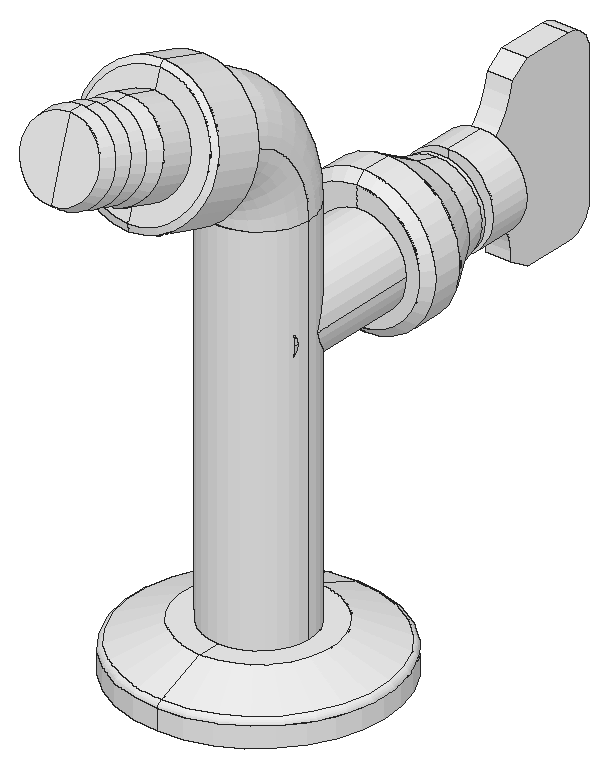
Revit family "Deca_Torneira de uso Restrito para Jardim Tanque Mangueira_1156.C39", category Plumbing Fixtures, host Face, Revit 2010
Parameters (values of type "1156.C_Cromado CR10")
  Vendido Separadamente = ""
  Variações de COR = "Cromado (1156.C)"  # constant formula
  URL = "www.deca.com.br/produtos"
  Torneira = Deca CR10 Cromado Metal
  Segmento = "Competitivo"  # constant formula
  Raio Água Fria = 7.5 mm  # constant formula
  Produto = "Torneira de uso restrito para jardim tanque mangueira"  # constant formula
  Pressão = "2 A 40 mca"  # constant formula
  Peso Liquido (Kg) = 0.407
  Norma = "ABNT NBR 10281: 2003"  # constant formula
  Model = Código  # "1156.C"
  Material = "Deca_Latão Cromado e Plástico de Engenharia"  # constant formula
  Manufacturer = "Deca"  # constant formula
  Louça/Metais = "Metal"  # constant formula
  Linha = "Uso restrito"  # constant formula
  Informações Complementares = ""
  Flow Pressure = 0.00 psi
  Diâmetro Água Fria = Raio Água Fria * 2  # 15 mm
  Description = "Torneira de uso restrito para jardim/tanque/mangueira"  # constant formula
  Default Elevation = 300 mm
  Código = "1156.C"  # constant formula
  Criado por = "Contino/quattroD"  # constant formula
  Consumo = "Varia com a pressão"  # constant formula
  CWFU = 0
  Atendimento ao Cliente = "0800-0117073"  # constant formula
  Assembly Code = "D2020"
  Aprovado por = "Contino/quattroD"  # constant formula
  Acompanha o Produto = ""
Reference planes
  plane 1 "Center (Front/Back)": y = -110
  plane 2: z = 0
  plane 3 "Center (Left/Right)": x = 0
  plane 4 "Front 2": z = 119.492
  plane 5 "Front 1": z = 9.067
  plane 6 "Left 1": x = -25
  plane 7 "Top 1": y = -85.625
  plane 8 "Right 1": x = 24.99
  plane 9 "Bottom 1": y = -135
  plane 10 "Top 2": y = -31.3
Forms (mm)
  Revolve 1, solid, material "Deca CR10 Cromado Metal" <- "Torneira"
    sketch origin (0, 0, 0) x (0, 1, 0) y (0, 0, 1)
      loop
        line (-110, 8.975) -> (-110, 0) -> (-85, 0) -> (-85, 3.962)
        arc (-85, 3.962) -> (-85.301, 4.7) -> (-85.937, 5.18) r 1.5
        line (-85.937, 5.18) -> (-95.522, 8.975) -> (-110, 8.975)
      axis (-110, 0) -> (-110, 8.975)
    angle from 0 to 360
  Sweep 2, solid, material "Deca CR10 Cromado Metal" <- "Torneira"
    path origin (0, 0, 0) x (0, 1, 0) y (0, 0, 1)
      loop
        line (-110, 5.036) -> (-110, 83.138)
        arc (-110, 83.138) -> (-115.724, 96.957) -> (-129.543, 102.681) r 19.543
    profile origin (0, -110, 44.087) x (0, -1, 0) y (1, 0, 0)
      loop
        circle (0, 0) r 10
  Extrusion 3, solid, material "Deca CR10 Cromado Metal" <- "Torneira"
    sketch origin (-237.066, -110, -96.581) x (1, 0, 0) y (0, 0, 1)
      loop
        circle (237.768, 158.687) r 9
    from -25 to 3.176
  Revolve 4, solid, material "Deca CR10 Cromado Metal" <- "Torneira"
    sketch origin (0, 11.893, 15.047) x (0, 0.999392, 0.03486) y (0, -0.03486, 0.999392)
      loop
        line (-154.781, 106.535) -> (-154.49, 107.333) -> (-158.54, 107.903) -> (-158.249, 108.702) -> (-162.299, 109.271) -> (-162.008, 110.07) -> (-164.93, 110.228) -> (-167.57, 102.975) -> (-136.858, 91.798) -> (-132.047, 105.018) -> (-141.661, 108.517) -> (-142.672, 107.575) -> (-143.975, 103.996) -> (-150.545, 106.387) -> (-154.781, 106.535)
      axis (-136.858, 91.798) -> (-167.57, 102.975)
    angle from 0 to 360
  Revolve 5, solid, material "Deca CR10 Cromado Metal" <- "Torneira"
    sketch origin (0, 164.119, -36.484) x (0, 1, 0) y (0, 0, 1)
      loop
        line (-219.185, 99.208) -> (-249.742, 99.208) -> (-249.742, 86.729) -> (-247.927, 84.915) -> (-242.009, 84.915) -> (-234.847, 89.05) -> (-230.017, 90.344) -> (-229.215, 90.344) -> (-229.215, 93.081) -> (-227.252, 93.081) -> (-227.252, 90.112) -> (-219.185, 90.112) -> (-219.185, 99.208)
      axis (-249.742, 99.208) -> (-219.185, 99.208)
    angle from 0 to 360
  Extrusion 6, solid, material "Deca CR10 Cromado Metal" <- "Torneira"
    sketch origin (0, 0, 0) x (0, 1, 0) y (0, 0, 1)
      loop
        line (-36.281, 81.373) -> (-46.461, 81.373) -> (-50.053, 78.858)
        arc (-50.053, 78.858) -> (-51.787, 73.909) -> (-55.066, 69.815) r 15.583
        line (-55.066, 69.815) -> (-55.066, 56.08)
        arc (-55.066, 56.08) -> (-51.417, 52.2) -> (-50.497, 46.954) r 9.293
        line (-50.497, 46.954) -> (-46.25, 44.494) -> (-36.26, 44.494)
        arc (-36.26, 44.494) -> (-32.759, 45.953) -> (-31.3, 49.475) r 4.981
        line (-31.3, 49.475) -> (-31.3, 76.393)
        arc (-31.3, 76.393) -> (-32.759, 79.915) -> (-36.281, 81.373) r 4.98
    from -2.618 to 2.395
Cuts and joins
  joined: Sweep 2, Extrusion 3, Revolve 4, Revolve 5
Lines and regions (mm)
  Masking region 1
    outline origin (0, 0, 0) x (1, 0, 0) y (0, 1, 0)
      loop
        line (-2.437, -31.3) -> (-2.437, -55.222) -> (-9.009, -55.222) -> (-9.009, -62.999) -> (-6.065, -62.999) -> (-6.065, -64.993) -> (-9.006, -64.993) -> (-9.009, -66.042) -> (-10.345, -71.027) -> (-14.23, -77.756) -> (-14.23, -83.948) -> (-12.648, -85.53) -> (-10.51, -85.53) -> (-10.51, -87.416)
        arc (-10.51, -87.416) -> (-24.782, -107.86) -> (-14.217, -130.443) r 24.937
        line (-14.217, -130.443) -> (-14.217, -137.641)
        arc (-14.217, -137.641) -> (-12.353, -139.983) -> (-9.597, -141.148) r 6.065
        line (-9.597, -141.148) -> (-9.597, -145.115) -> (-8.839, -147.738)
        arc (-8.839, -147.738) -> (-9.471, -148.246) -> (-9.564, -149.051) r 1.067
        line (-9.564, -149.051) -> (-8.83, -151.654)
        arc (-8.83, -151.654) -> (-9.469, -152.164) -> (-9.561, -152.977) r 1.069
        line (-9.561, -152.977) -> (-8.836, -155.484)
        arc (-8.836, -155.484) -> (-9.451, -155.971) -> (-9.574, -156.745) r 1.079
        line (-9.574, -156.745) -> (-8.99, -159.434)
        spline (-8.99, -159.434) -> (-8.699, -160.071) -> (-7.846, -160.667) -> (-6.487, -161.181) -> (-4.711, -161.581) -> (-2.635, -161.839) -> (-0.396, -161.938) -> (1.859, -161.873) -> (3.981, -161.647) -> (5.831, -161.276) -> (7.287, -160.783) -> (8.252, -160.201) -> (8.664, -159.569)
        line (8.664, -159.569) -> (9.417, -156.745)
        arc (9.417, -156.745) -> (9.294, -155.971) -> (8.68, -155.484) r 1.079
        line (8.68, -155.484) -> (9.404, -152.977)
        arc (9.404, -152.977) -> (9.313, -152.164) -> (8.674, -151.654) r 1.069
        line (8.674, -151.654) -> (9.407, -149.051)
        arc (9.407, -149.051) -> (9.314, -148.246) -> (8.683, -147.738) r 1.067
        line (8.683, -147.738) -> (9.441, -145.115) -> (9.441, -141.17)
        arc (9.441, -141.17) -> (12.29, -140.03) -> (14.217, -137.641) r 6.065
        line (14.217, -137.641) -> (14.217, -130.443)
        arc (14.217, -130.443) -> (24.782, -107.86) -> (10.51, -87.416) r 24.937
        line (10.51, -87.416) -> (10.51, -85.53) -> (12.648, -85.53) -> (14.23, -83.948) -> (14.23, -77.756) -> (10.345, -71.027) -> (9.009, -66.042) -> (9.006, -64.993) -> (6.065, -64.993) -> (6.065, -62.999) -> (9.009, -62.999) -> (9.009, -55.222) -> (2.437, -55.222) -> (2.437, -31.3) -> (-2.437, -31.3)
  Masking region 2
    outline origin (0, -110, 0) x (1, 0, 0) y (0, 0, 1)
      loop
        line (-10.573, 53.953) -> (-10.573, 9.077) -> (-12.468, 9.077) -> (-14.138, 8.931)
        arc (-14.138, 8.931) -> (-15.435, 8.291) -> (-15.96, 6.944) r 1.995
        arc (-15.96, 6.944) -> (-16.235, 6.557) -> (-16.705, 6.493) r 0.597
        line (-16.705, 6.493) -> (-23.952, 3.856)
        arc (-23.952, 3.856) -> (-24.667, 3.307) -> (-24.937, 2.448) r 1.496
        line (-24.937, 2.448) -> (-24.937, 0) -> (24.937, 0) -> (24.937, 2.448)
        arc (24.937, 2.448) -> (24.667, 3.307) -> (23.952, 3.856) r 1.496
        line (23.952, 3.856) -> (16.705, 6.493)
        arc (16.705, 6.493) -> (16.235, 6.557) -> (15.96, 6.944) r 0.597
        arc (15.96, 6.944) -> (15.435, 8.291) -> (14.138, 8.931) r 1.995
        line (14.138, 8.931) -> (12.468, 9.077) -> (10.573, 9.077) -> (10.573, 53.953) -> (14.293, 62.934) -> (10.573, 71.914) -> (10.573, 82.077)
        arc (10.573, 82.077) -> (10.501, 87.168) -> (10.283, 92.255) r 178.514
        arc (10.283, 92.255) -> (14.272, 100.78) -> (13.09, 110.117) r 16.924
        arc (13.09, 110.117) -> (10.595, 113.933) -> (6.964, 116.687) r 13.362
        arc (6.964, 116.687) -> (3.823, 119.02) -> (0, 119.854) r 9.293
        arc (0, 119.854) -> (-3.823, 119.02) -> (-6.964, 116.687) r 9.293
        arc (-6.964, 116.687) -> (-10.595, 113.933) -> (-13.09, 110.117) r 13.362
        arc (-13.09, 110.117) -> (-14.272, 100.78) -> (-10.283, 92.255) r 16.924
        arc (-10.283, 92.255) -> (-10.501, 87.168) -> (-10.573, 82.077) r 178.514
        line (-10.573, 82.077) -> (-10.573, 71.914) -> (-14.293, 62.934) -> (-10.573, 53.953)
  Masking region 3
    outline origin (0, 0, 0) x (0, 1, 0) y (0, 0, 1)
      loop
        line (-85.156, 0) -> (-85.156, 2.66)
        arc (-85.156, 2.66) -> (-85.476, 3.392) -> (-86.126, 3.856) r 1.496
        line (-86.126, 3.856) -> (-93.373, 6.493)
        arc (-93.373, 6.493) -> (-93.768, 6.682) -> (-94.119, 6.944) r 2.26
        arc (-94.119, 6.944) -> (-94.643, 8.291) -> (-95.94, 8.931) r 1.995
        line (-95.94, 8.931) -> (-97.61, 9.077) -> (-99.505, 9.077) -> (-99.505, 42.139)
        arc (-99.505, 42.139) -> (-96.867, 48.499) -> (-90.505, 51.134) r 9
        line (-90.505, 51.134) -> (-85.625, 51.134) -> (-85.625, 50.239) -> (-83.896, 48.51) -> (-77.924, 48.51) -> (-71.107, 52.606) -> (-66.12, 53.757) -> (-65.071, 53.757) -> (-65.071, 56.804) -> (-63.077, 56.804) -> (-63.077, 53.757) -> (-55.3, 53.757) -> (-55.3, 56.255)
        arc (-55.3, 56.255) -> (-52.502, 54.72) -> (-51.324, 51.754) r 4.712
        arc (-51.324, 51.754) -> (-50.439, 47.07) -> (-46.427, 44.494) r 6.026
        line (-46.427, 44.494) -> (-36.338, 44.494)
        arc (-36.338, 44.494) -> (-32.776, 45.97) -> (-31.3, 49.531) r 5.037
        line (-31.3, 49.531) -> (-31.3, 76.212)
        arc (-31.3, 76.212) -> (-32.776, 79.774) -> (-36.338, 81.249) r 5.037
        line (-36.338, 81.249) -> (-46.427, 81.249)
        arc (-46.427, 81.249) -> (-50.439, 78.674) -> (-51.324, 73.989) r 6.026
        arc (-51.324, 73.989) -> (-52.502, 71.023) -> (-55.3, 69.488) r 4.712
        line (-55.3, 69.488) -> (-55.3, 71.986) -> (-63.077, 71.986) -> (-63.077, 68.94) -> (-65.071, 68.94) -> (-65.071, 71.986) -> (-66.12, 71.986) -> (-71.107, 73.137) -> (-77.924, 77.233) -> (-83.896, 77.233) -> (-85.625, 75.628) -> (-85.625, 74.734) -> (-90.659, 74.734)
        arc (-90.659, 74.734) -> (-96.407, 76.809) -> (-99.505, 82.077) r 9
        arc (-99.505, 82.077) -> (-105.772, 100.664) -> (-123.282, 109.504) r 25.856
        arc (-123.282, 109.504) -> (-124.027, 110.173) -> (-124.234, 111.153) r 1.615
        line (-124.234, 111.153) -> (-123.783, 115.352) -> (-133.532, 118.344) -> (-134.455, 117.897) -> (-135.638, 114.04) -> (-142.273, 116.076) -> (-146.342, 116.227) -> (-146.034, 117.231) -> (-150.342, 117.391) -> (-150.016, 118.453) -> (-154.094, 118.605) -> (-153.786, 119.61) -> (-156.795, 119.88) -> (-161.99, 102.887) -> (-159.365, 101.432) -> (-159.057, 102.438) -> (-155.596, 100.275) -> (-155.27, 101.337) -> (-151.614, 99.053) -> (-151.306, 100.056) -> (-147.852, 97.898) -> (-141.218, 95.862) -> (-142.402, 92.005) -> (-141.889, 91.117) -> (-132.141, 88.125) -> (-130.158, 91.854)
        arc (-130.158, 91.854) -> (-128.291, 92.564) -> (-126.308, 92.327) r 4.176
        arc (-126.308, 92.327) -> (-121.592, 88.243) -> (-120.651, 82.077) r 9.025
        line (-120.651, 82.077) -> (-120.651, 9.077) -> (-122.547, 9.077) -> (-124.217, 8.931)
        arc (-124.217, 8.931) -> (-125.514, 8.291) -> (-126.038, 6.944) r 1.995
        arc (-126.038, 6.944) -> (-126.389, 6.682) -> (-126.784, 6.493) r 2.26
        line (-126.784, 6.493) -> (-134.03, 3.856)
        arc (-134.03, 3.856) -> (-134.681, 3.392) -> (-135, 2.66) r 1.496
        line (-135, 2.66) -> (-135, 0) -> (-85.156, 0)
  symbolic lines
    curve 1: line (-2.437, -55.222, 0) -> (2.437, -55.222, 0)
    curve 2: line (6.065, -62.999, 0) -> (-6.194, -62.999, 0)
    curve 3: line (-6.065, -64.993, 0) -> (6.065, -64.993, 0)
    curve 4: line (-9.009, -66.042, 0) -> (9.009, -66.042, 0)
    curve 5: line (10.345, -71.027, 0) -> (-10.345, -71.027, 0)
    curve 6: line (-10.51, -85.53, 0) -> (10.51, -85.53, 0)
    curve 7: line (-10.51, -87.416, 0) -> (-10.51, -110, 0)
    curve 8: line (-14.217, -130.443, 0) -> (-14.217, -127.287, 0)
    curve 9: arc (-14.217, -127.287, 0) -> (-11.868, -125.565, 0) -> (-9.127, -124.581, 0) r 10.136
    curve 10: arc (-9.127, -124.581, 0) -> (-9.55, -117.265, 0) -> (-10.51, -110, 0) r 99.553
    curve 11: arc (-10.51, -110, 0) -> (0.472, -99.587, 0) -> (10.286, -111.107, 0) r 10.427
    curve 12: arc (-9.127, -124.581, 0) -> (0.003, -123.669, 0) -> (9.125, -124.653, 0) r 44.411
    curve 13: spline (-9.57, -138.367, 0) -> (-9.246, -137.629, 0) -> (-8.296, -136.941, 0) -> (-6.786, -136.35, 0) -> (-4.817, -135.897, 0) -> (-2.525, -135.612, 0) -> (-0.064, -135.515, 0) -> (2.396, -135.612, 0) -> (4.688, -135.897, 0) -> (6.657, -136.35, 0) -> (8.167, -136.941, 0) -> (9.117, -137.629, 0) -> (9.441, -138.367, 0)
    curve 14: line (-9.57, -138.367, 0) -> (-9.57, -141.152, 0)
    curve 15: line (9.441, -138.367, 0) -> (9.441, -141.17, 0)
    curve 16: spline (-9.597, -145.115, 0) -> (-9.273, -144.396, 0) -> (-8.322, -143.727, 0) -> (-6.809, -143.152, 0) -> (-4.838, -142.71, 0) -> (-2.542, -142.433, 0) -> (-0.078, -142.338, 0) -> (2.386, -142.433, 0) -> (4.681, -142.71, 0) -> (6.653, -143.152, 0) -> (8.165, -143.727, 0) -> (9.116, -144.396, 0) -> (9.441, -145.115, 0)
    curve 17: spline (8.683, -147.738, 0) -> (8.384, -147.325, 0) -> (7.509, -146.94, 0) -> (6.116, -146.61, 0) -> (4.302, -146.356, 0) -> (2.188, -146.197, 0) -> (-0.08, -146.142, 0) -> (-2.348, -146.197, 0) -> (-4.461, -146.356, 0) -> (-6.276, -146.61, 0) -> (-7.668, -146.94, 0) -> (-8.544, -147.325, 0) -> (-8.842, -147.738, 0)
    curve 18: spline (8.674, -151.654, 0) -> (8.375, -151.243, 0) -> (7.501, -150.86, 0) -> (6.11, -150.532, 0) -> (4.298, -150.28, 0) -> (2.187, -150.121, 0) -> (-0.078, -150.067, 0) -> (-2.343, -150.121, 0) -> (-4.454, -150.28, 0) -> (-6.267, -150.532, 0) -> (-7.657, -150.86, 0) -> (-8.532, -151.243, 0) -> (-8.83, -151.654, 0)
    curve 19: spline (8.68, -155.484, 0) -> (8.382, -155.02, 0) -> (7.507, -154.587, 0) -> (6.116, -154.216, 0) -> (4.302, -153.931, 0) -> (2.191, -153.751, 0) -> (-0.075, -153.69, 0) -> (-2.341, -153.751, 0) -> (-4.452, -153.931, 0) -> (-6.266, -154.216, 0) -> (-7.657, -154.587, 0) -> (-8.532, -155.02, 0) -> (-8.83, -155.484, 0)
    curve 20: spline (-8.99, -159.434, 0) -> (-8.688, -158.744, 0) -> (-7.805, -158.102, 0) -> (-6.399, -157.55, 0) -> (-4.567, -157.127, 0) -> (-2.434, -156.86, 0) -> (-0.145, -156.77, 0) -> (2.145, -156.86, 0) -> (4.278, -157.127, 0) -> (6.11, -157.55, 0) -> (7.516, -158.102, 0) -> (8.399, -158.744, 0) -> (8.701, -159.434, 0)
    curve 21: spline (14.217, -137.641, 0) -> (13.733, -136.565, 0) -> (12.312, -135.562, 0) -> (10.053, -134.701, 0) -> (7.108, -134.041, 0) -> (3.68, -133.625, 0) -> (0, -133.484, 0) -> (-3.68, -133.625, 0) -> (-7.108, -134.041, 0) -> (-10.053, -134.701, 0) -> (-12.312, -135.562, 0) -> (-13.733, -136.565, 0) -> (-14.217, -137.641, 0)
    curve 22: arc (-10.51, -96.964, 0) -> (-16.747, -110.845, 0) -> (-9.14, -124.024, 0) r 16.705
    curve 23: arc (8.862, -124.121, 0) -> (16.611, -111.016, 0) -> (10.51, -97.066, 0) r 16.705
    curve 24: arc (9.481, -118.023, 0) -> (12.374, -110.875, 0) -> (10.51, -103.392, 0) r 12.468
    curve 25: arc (-10.51, -103.194, 0) -> (-12.502, -110.866, 0) -> (-9.467, -118.188, 0) r 12.468
    curve 26: arc (-4.267, -91.785, 0) -> (-2.673, -95.851, 0) -> (-3.483, -100.143, 0) r 7.899
    curve 27: arc (4.268, -91.783, 0) -> (2.669, -95.89, 0) -> (3.519, -100.214, 0) r 7.899
    curve 28: line (10.51, -87.416, 0) -> (10.51, -110, 0)
    curve 29: arc (9.125, -124.653, 0) -> (9.546, -117.301, 0) -> (10.51, -110, 0) r 99.553
    curve 30: arc (14.217, -127.287, 0) -> (11.868, -125.565, 0) -> (9.127, -124.581, 0) r 10.136
    curve 31: line (14.217, -130.443, 0) -> (14.217, -127.287, 0)
    curve 32: line (-10.573, -110, 9.077) -> (10.573, -110, 9.077)
    curve 33: line (-15.96, -110, 6.944) -> (15.96, -110, 6.944)
    curve 34: line (16.705, -110, 6.493) -> (-16.705, -110, 6.493)
    curve 35: line (-23.952, -110, 3.856) -> (23.952, -110, 3.856)
    curve 36: line (24.937, -110, 2.448) -> (-24.937, -110, 2.448)
    curve 37: arc (-9.124, -110, 52.4) -> (-6.091, -110, 45.83) -> (0, -110, 41.922) r 12.916
    curve 38: line (-10.573, -110, 53.953) -> (-10.16, -110, 52.819)
    curve 39: line (-10.16, -110, 52.819) -> (-2.497, -110, 49.723)
    curve 40: line (-2.497, -110, 81.373) -> (-2.497, -110, 44.466)
    curve 41: line (-2.497, -110, 44.466) -> (2.5, -110, 44.466)
    curve 42: line (2.5, -110, 44.466) -> (2.5, -110, 81.373)
    curve 43: line (2.5, -110, 81.373) -> (-2.497, -110, 81.373)
    curve 44: arc (9.124, -110, 52.4) -> (6.091, -110, 45.83) -> (0, -110, 41.922) r 12.916
    curve 45: arc (2.5, -110, 71.655) -> (9.072, -110, 62.934) -> (2.5, -110, 54.213) r 9.072
    curve 46: arc (-2.497, -110, 54.212) -> (-9.072, -110, 62.934) -> (-2.497, -110, 71.656) r 9.072
    curve 47: arc (-2.497, -110, 52.83) -> (-10.408, -110, 62.934) -> (-2.497, -110, 73.038) r 10.408
    curve 48: arc (2.5, -110, 73.037) -> (10.408, -110, 62.934) -> (2.5, -110, 52.83) r 10.408
    curve 49: line (2.5, -110, 76.191) -> (10.107, -110, 73.04)
    curve 50: line (-10.107, -110, 73.04) -> (-2.497, -110, 76.192)
    curve 51: line (-2.497, -110, 76.392) -> (2.5, -110, 76.392)
    curve 52: line (-10.107, -110, 73.04) -> (-10.573, -110, 71.914)
    curve 53: line (10.107, -110, 73.04) -> (10.569, -110, 71.924)
    curve 54: line (10.573, -110, 82.077) -> (-10.573, -110, 82.077)
    curve 55: arc (10.212, -110, 94.059) -> (-0.005, -110, 114.286) -> (-10.206, -110, 94.051) r 12.691
    curve 56: arc (-9.635, -110, 98.355) -> (0.784, -110, 111.269) -> (9.828, -110, 97.357) r 10.25
    curve 57: arc (-8.814, -110, 101.645) -> (-9.875, -110, 97.001) -> (-10.283, -110, 92.255) r 34.354
    curve 58: arc (8.816, -110, 101.645) -> (9.886, -110, 97.003) -> (10.283, -110, 92.255) r 33.331
    curve 59: line (10.573, -110, 53.953) -> (10.16, -110, 52.819)
    curve 60: line (10.16, -110, 52.819) -> (2.5, -110, 49.724)
    curve 61: line (-2.497, -110, 49.475) -> (2.5, -110, 49.475)
    curve 62: arc (-6.964, -110, 116.687) -> (0, -110, 118.469) -> (6.964, -110, 116.687) r 14.499
    curve 63: circle (0, -36.359, 49.475) r 2.492 normal (-1, 0, 0)
    curve 64: line (0, -55.3, 56.255) -> (0, -55.3, 69.717)
    curve 65: line (0, -65.071, 68.94) -> (0, -65.071, 56.804)
    curve 66: line (0, -63.077, 68.94) -> (0, -63.077, 56.804)
    curve 67: line (0, -66.12, 72.006) -> (0, -66.12, 53.861)
    curve 68: line (0, -71.105, 73.342) -> (0, -71.105, 52.526)
    curve 69: line (0, -99.505, 82.077) -> (0, -110, 63.099)
    curve 70: line (0, -110, 63.099) -> (0, -90.659, 74.734)
    curve 71: line (0, -110, 63.099) -> (0, -99.505, 42.139)
    curve 72: line (0, -110, 63.099) -> (0, -90.505, 51.134)
    curve 73: line (0, -85.625, 74.734) -> (0, -85.625, 51.134)
    curve 74: line (0, -99.505, 82.077) -> (0, -120.651, 82.077)
    curve 75: line (0, -99.505, 9.077) -> (0, -120.651, 9.077)
    curve 76: line (0, -126.038, 6.944) -> (0, -94.119, 6.944)
    curve 77: line (0, -93.373, 6.493) -> (0, -126.784, 6.493)
    curve 78: line (0, -134.03, 3.856) -> (0, -86.126, 3.856)
    curve 79: line (0, -85.156, 2.45) -> (0, -135.015, 2.45)
    curve 80: line (0, -134.484, 117.934) -> (0, -142.387, 92.053)
    curve 81: line (0, -130.173, 91.804) -> (0, -124.208, 111.315)
    curve 82: line (0, -142.301, 116.079) -> (0, -147.852, 97.899)
    curve 83: line (0, -146.447, 116.193) -> (0, -151.355, 100.121)
    curve 84: line (0, -150.368, 117.389) -> (0, -155.275, 101.319)
    curve 85: line (0, -154.194, 118.556) -> (0, -159.1, 102.488)
    curve 86: arc (-8.814, -110, 101.645) -> (0.001, -110, 108.187) -> (8.816, -110, 101.645) r 9.21
    curve 87: spline (-10.51, -103.983, 0) -> (-10.152, -100.501, 0) -> (-9.102, -97.256, 0) -> (-7.432, -94.47, 0) -> (-5.255, -92.332, 0) -> (-2.72, -90.988, 0) -> (0, -90.53, 0) -> (2.72, -90.988, 0) -> (5.255, -92.332, 0) -> (7.432, -94.47, 0) -> (9.102, -97.256, 0) -> (10.152, -100.501, 0) -> (10.51, -103.983, 0)
    curve 88: line (-2.437, -36.281, 0) -> (2.563, -36.281, 0)
    curve 89: line (-2.437, -46.461, 0) -> (2.395, -46.461, 0)
    curve 90: line (-2.437, -51.401, 0) -> (2.437, -51.401, 0)
Dimensions and locks
  plane 4 "Front 2" to plane 5 "Front 1" to plane 2 = 110.425 mm, 9.067 mm
  plane 6 "Left 1" to plane 8 "Right 1" = 49.99 mm  (x2)
  plane 4 "Front 2" to plane 2 = 119.492 mm
  plane 2 to plane 4 "Front 2" = 119.492 mm
  plane 7 "Top 1" to plane 9 "Bottom 1" = 49.375 mm
  plane 2 to plane 5 "Front 1" to plane 4 "Front 2" = 9.067 mm, 110.425 mm
  plane 9 "Bottom 1" to plane 7 "Top 1" to plane 10 "Top 2" = 49.375 mm, 54.325 mm
  plane 9 "Bottom 1" to plane 10 "Top 2" = 103.7 mm
  plane 10 "Top 2" to plane 7 "Top 1" = 54.325 mm
  plane 10 "Top 2" to plane 9 "Bottom 1" = 103.7 mm
  aligned and locked: host face to plane 2
  aligned and locked: level to host face
Connectors
  piping at (0, -110, 0), driven by "Raio Água Fria", driven by "Flow Pressure", driven by "CWFU"
    settings: on Revolve 1, index 1, connector radius 0.29528", flow factor 0, pipe flow 0 GPM, pressure drop 0.00 psi, fitting loss kfactor 0, connector angle 0.00°, fixture units 0, engagement length 0 mm, flow configuration 3, flow direction 1, fitting loss method 4, system type 20, joint type 0, gender type 0, connector reference index -1, connector utility 0, adjustable connector no, is connector primary yes, fitting loss table "", connector description ""
